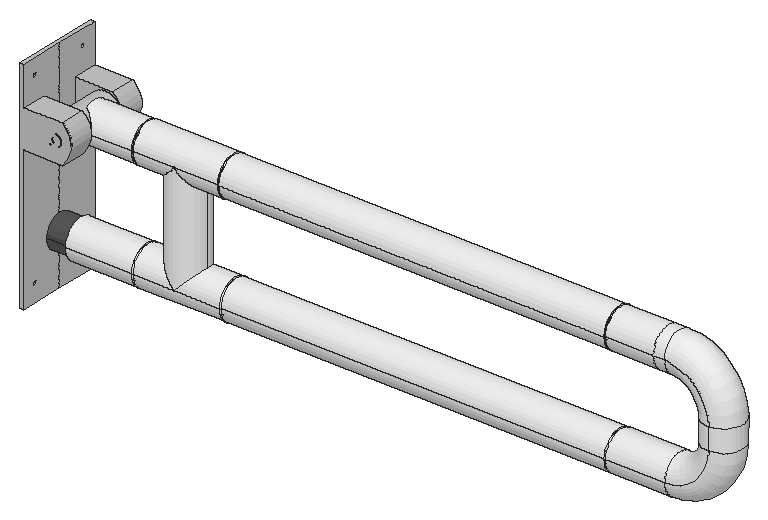
Revit family "White Moveable Handicap Grab Bar 200kg_IN", category Pipe Accessories, Revit 2017
Family settings
  Round Connector Dimension = Use Diameter
  Part Type = Normal
  Work Plane-Based = Yes
  Always vertical = No
  Cut with Voids When Loaded = Yes
  Shared = No
Parameters
  Website = "https://dolphy.in/"  # constant formula
  Model = "DHGB0002"  # constant formula
  Default Elevation = 1219.2 mm
  Contact number = "+91 9520202035"  # constant formula
  Contact email = "info@dolphy.in"  # constant formula
  Company name = "Dolphy India"  # constant formula
Reference planes
  plane 1 "Center (Front/Back)": y = 0
  plane 2: z = 0
  plane 3 "Center (Left/Right)": x = 0
Forms (mm)
  Sweep 1, solid, material "Nylon"
    path origin (-6.896, 0, 200) x (-1, 0, 0) y (0, 0, -1)
      loop
        line (-30.275, 100) -> (-575.275, 100)
        arc (-575.275, 100) -> (-603.56, 88.284) -> (-615.275, 60) r 40
        line (-615.275, 60) -> (-615.275, 40)
        arc (-615.275, 40) -> (-603.56, 11.716) -> (-575.275, 0) r 40
        line (-575.275, 0) -> (-565, 0) -> (-42.431, 0)
    profile origin (295.88, 0, 100) x (0, 0, 1) y (0, -1, 0)
      loop
        circle (0, 0) r 17.5
  Sweep 2, void
    path origin (730.38, -368.75, 22.5) x (0, 1, 0) y (0, 0, 1)
      loop
        circle (368.504, 177.5) r 17.254
    profile origin (730.38, -0.246, 217.254) x (0, 0, -1) y (1, 0, 0)
      loop
        circle (0, -646.133) r 0.781
  Sweep 3, void
    path origin (805.38, -368.75, 22.5) x (0, 1, 0) y (0, 0, 1)
      loop
        circle (368.504, 177.5) r 17.254
    profile origin (805.38, -0.246, 217.254) x (0, 0, -1) y (1, 0, 0)
      loop
        circle (0, -643.008) r 0.781
  Sweep 4, void
    path origin (1160.38, -368.75, 22.5) x (0, 1, 0) y (0, 0, 1)
      loop
        circle (368.504, 177.5) r 17.254
    profile origin (1160.38, -0.246, 217.254) x (0, 0, -1) y (1, 0, 0)
      loop
        circle (0, -646.133) r 0.781
  Sweep 5, void
    path origin (1157.282, -369.071, -77.624) x (0, 1, 0) y (0, 0, 1)
      loop
        circle (368.504, 177.5) r 17.254
    profile origin (1157.282, -0.567, 117.13) x (0, 0, -1) y (1, 0, 0)
      loop
        circle (0, -643.008) r 0.781
  Extrusion 6, solid, material "Stainless Steel"
    sketch origin (-6.896, 54.754, 0) x (1, 0, 0) y (0, 1, 0)
      loop
        line (10.275, -54.754) -> (10.275, -14.754) -> (6.896, -14.754) -> (6.896, -94.754) -> (10.275, -94.754) -> (10.275, -54.754)
    from 52.806 to 252.564
  Extrusion 7, solid, material "Stainless Steel"
    sketch origin (0, 54.754, 0) x (1, 0, 0) y (0, 0, 1)
      loop
        line (3.38, 217.5) -> (3.38, 182.622) -> (39.026, 182.622)
        spline (39.026, 182.622) -> (41.372, 185.765) -> (43.283, 188.866) -> (44.761, 191.923) -> (45.804, 194.937) -> (46.413, 197.908) -> (46.587, 200.836) -> (46.328, 203.721) -> (45.634, 206.563) -> (44.506, 209.362) -> (42.943, 212.118) -> (40.947, 214.83) -> (38.516, 217.5)
        line (38.516, 217.5) -> (3.38, 217.5)
    from 72.424 to 94.754
  Extrusion 8, solid, material "Stainless Steel"
    sketch origin (0, -54.754, 0) x (1, 0, 0) y (0, 0, -1)
      loop
        line (3.38, -217.5) -> (38.492, -217.5)
        spline (38.492, -217.5) -> (40.923, -214.83) -> (42.92, -212.118) -> (44.482, -209.362) -> (45.61, -206.563) -> (46.304, -203.721) -> (46.564, -200.836) -> (46.389, -197.908) -> (45.78, -194.937) -> (44.737, -191.923) -> (43.26, -188.866) -> (41.348, -185.765) -> (39.002, -182.622)
        line (39.002, -182.622) -> (3.38, -182.622) -> (3.38, -217.5)
    from 72.338 to 94.754
  Extrusion 9, solid, material "Stainless Steel"
    sketch origin (-5, 0, -1.25) x (1, 0, 0) y (0, 0, 1)
      loop
        circle (36.25, 201.79) r 15
    from -32.662 to 32.128
  Extrusion 10, solid, material "Nylon"
    sketch origin (0, 0, 0) x (1, 0, 0) y (0, 1, 0)
      loop
        circle (121.288, 0) r 17.5
    from 100.074 to 200.362
  Sweep 11, void
    path origin (727.282, -369.071, -77.624) x (0, 1, 0) y (0, 0, 1)
      loop
        circle (368.504, 177.5) r 17.254
    profile origin (727.282, -0.567, 117.13) x (0, 0, -1) y (1, 0, 0)
      loop
        circle (0, -643.008) r 0.781
  Sweep 12, void
    path origin (807.282, -369.071, -77.624) x (0, 1, 0) y (0, 0, 1)
      loop
        circle (368.504, 177.5) r 17.254
    profile origin (807.282, -0.567, 117.13) x (0, 0, -1) y (1, 0, 0)
      loop
        circle (0, -643.008) r 0.781
  Extrusion 13, solid
    sketch origin (0, 0, 0) x (1, 0, 0) y (0, 0, 1)
      loop
        circle (31.25, 200.54) r 5.986
    from -40 to 40
  Extrusion 14, void
    sketch origin (0, 0, 0) x (1, 0, 0) y (0, 0, 1)
      loop
        circle (31.25, 200.54) r 2.188
    from -40 to 40
  Extrusion 15, void
    sketch origin (0, 0, 0) x (0, 1, 0) y (0, 0, 1)
      loop
        circle (26.517, 238.781) r 2
    from 0 to 3.38
  Extrusion 16, void
    sketch origin (0, -55, 0) x (0, 1, 0) y (0, 0, 1)
      loop
        circle (26.517, 238.781) r 2
    from 0 to 3.38
  Extrusion 17, void
    sketch origin (0, 0, -170) x (0, 1, 0) y (0, 0, 1)
      loop
        circle (26.517, 238.781) r 2
    from 0 to 3.38
  Extrusion 18, void
    sketch origin (0, -55, -170) x (0, 1, 0) y (0, 0, 1)
      loop
        circle (26.517, 238.781) r 2
    from 0 to 3.38
  Extrusion 19, void
    sketch origin (0, -26.517, -76.837) x (0, 1, 0) y (0, 0, 1)
      loop
        circle (26.517, 238.781) r 2
    from 0 to 3.38
  Sweep 20, solid, material "Dolphy_BLACK(1)"
    path origin (0, 0, 0) x (1, 0, 0) y (0, 0, 1)
      loop
        line (23.38, 100) -> (3.38, 100)
    profile origin (13.38, 0, 100) x (0, 0, -1) y (0, -1, 0)
      loop
        circle (-0.074, 0) r 15
Cuts and joins
  Sweep 2, Sweep 3, Sweep 4, Sweep 5, Sweep 11, Sweep 12 cuts Sweep 1
  Extrusion 15, Extrusion 16, Extrusion 17, Extrusion 18, Extrusion 19 cuts Extrusion 6
  Extrusion 15, Extrusion 16, Extrusion 17, Extrusion 18, Extrusion 19 cuts Extrusion 7
  Extrusion 15, Extrusion 16, Extrusion 17, Extrusion 18, Extrusion 19 cuts Extrusion 8
  Extrusion 15, Extrusion 16, Extrusion 17, Extrusion 18, Extrusion 19 cuts Extrusion 9
  joined: Extrusion 6, Extrusion 7, Extrusion 8, Extrusion 9
  Extrusion 14 cuts Extrusion 13
Lines and regions (mm)
  model lines
    curve 1: line (37.236, 0, 200.54) -> (25.264, 0, 200.54)
    curve 2: line (31.25, 0, 206.526) -> (31.25, 0, 194.554)
Dimensions and locks
  aligned and locked: level to plane 2
